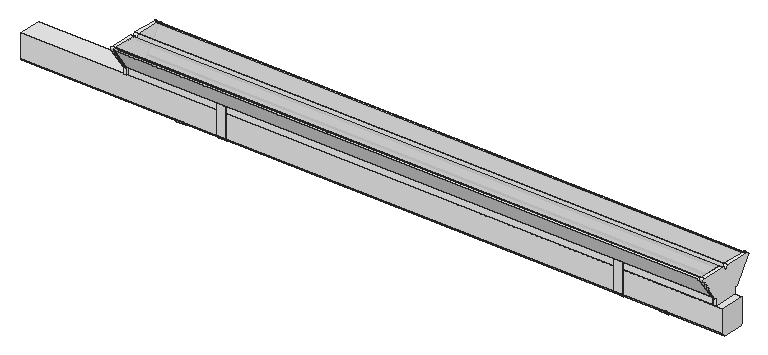
Revit family "0042288 Lighting Fixture_Sylvania_HSX Syl-Line_Surface Mounted", category Lighting Fixtures, host Face, Revit 2017
Family settings
  Host = Face
  Round Connector Dimension = Use Diameter
  Part Type = Normal
  OmniClass Number = 23.80.70.11.17
  OmniClass Title = Specialized Lighting by Location or Use
  Cut with Voids When Loaded = No
  Light Source = Yes
  Shared = No
  Room Calculation Point = No
Parameters (values of type "HSXSYL  LED NW DALI 1720 WB")
  Width = 164.0 mm
  Weight = 5.60 kg
  Wattage = 71.6129 W
  built-in parameter 1150110 = 1 (stored number, unit not read)
  Voltage Comments = "UNV (Universal Voltage; 220-240 Volt)"  # constant formula
  Voltage = 230 V  # constant formula
  URL = "http://www.sylvania-lighting.com"
  Trucking Material = Steel_Sylvania_HSX Syl-Line_White
  built-in parameter 1114217 = 1 (stored number, unit not read)
  Tilt Angle = -90.00°
  built-in parameter 1150109 = 1 (stored number, unit not read)
  built-in parameter 1150134 = 12
  Ta Rating = "-10°C to +25°C"  # constant formula
  T Class Min = -10 °C
  T Class Max = 25 °C
  built-in parameter 1150113 = 1 (stored number, unit not read)
  Product Page URL = "http://www.sylvania-lighting.com/product/en-int/products/0042288"
  Product Family = "HSX SYL-LINE"  # constant formula
  Photometry Comments = ""
  Photometric Web File = "0042288_HSXSYLLEDNWDALI1720WB-192675.ies"
  Mounting Material = Steel_Sylvania_HSX Syl-Line_White
  Line End Right = 20.0 mm
  Line End Left = 300.0 mm
  Life = "50 000h"  # constant formula
  Length = 1720.0 mm
  LOR = "100%"
  Inrush Current (max. quantity per 16A C breaker) = "10"
  IP Rating = "IP20"  # constant formula
  IK Rating = "IK02"  # constant formula
  Height = 167.5 mm
  Glow Wire Test = 650 °C  # constant formula
  Emit from Line Length = Length - 20.0 mm  # 1700.0 mm
  Electrical Protection = "CLASS I"  # constant formula
  Drive Current = "350mA"
  built-in parameter 1114216 [instance] = 1 (stored number, unit not read)
  Cap Material = Plastic_Sylvania_HSX Syl-Line_White
  Model = "HSXSYL  LED NW DALI 1720 WB"
  Manufacturer = "Feilo Sylvania"
  built-in parameter 1150105 = 2339.7 (stored number, unit not read)
  Lumens = 6660 lm
  built-in parameter 1150115 = 1 (stored number, unit not read)
  built-in parameter 1150137 = (empty or 0)
  built-in parameter 1150139 = (empty or 0)
  built-in parameter 1150112 = 1 (stored number, unit not read)
  built-in parameter 1150114 = 1 (stored number, unit not read)
  Lamp = "Integrated LED"
  built-in parameter 1150132 = 2
  built-in parameter 1150102 = (empty or 0)
  built-in parameter 1150107 = 4000 (stored number, unit not read)
  built-in parameter 1150138 = (empty or 0)
  built-in parameter 1150106 = 23.397 (stored number, unit not read)
  CRI (Ra) = ">80"
  Bracket Width = Width - 93.4 mm  # 70.6 mm
  Bracket Height = Height - 73.5 mm  # 94.0 mm
  Body Material = Plastic_Sylvania_HSX Syl-Line_White
  built-in parameter 1150104 = 8.64 (stored number, unit not read)
  Dimming Lamp Color Temperature Shift = <None>
  Diffuser Material = Polycarbonate_Sylvania_HSX Syl-Line_4000K
  Description = "72W and 75W LED surface and suspended luminaires HSX Syl-Line is perfect for retail, industry, manufacturing, airports or data centres Extended offering of alternative optics for Syl-Line trunking Available with a white sheet steel reflector and a PMMA Diffuser Available in 1,720mm (same length as standard Syl-Line gear trays and trunking) High performance: delivers 6,660lm (luminaire lumen output on 72W version), equating to 93lm/W (total system efficiency) Available in neutral white (4,000K) Integrated LED solution that has the same aesthetics as the fluorescent version (non dotting) Energy efficient electronic gear including Analogue 1-10V dimmable, DALI dimmable and 3 hour emergency versions as standard Ease of installation through the plug connector Innovative clip design allows quick and simple installation of the electrical unit (average installation time of the gear tray at just over a minute) Energy class: A++, A+, A Long lifetime: 50,000 hours life at 70% of the original output L70"  # constant formula
  Default Elevation = 0.0 mm
  Color Filter = 16777215
  Catalog Number = "0042288 HSXSYL  LED NW DALI 1720 WB"
  built-in parameter 1140040 [instance] = 1
  built-in parameter 1114218 = 1 (stored number, unit not read)
  built-in parameter 1150133 = 10 (stored number, unit not read)
  Assembly Code = "D5020200"
  Apparent Load = 72 VA
Reference planes
  plane 1 "Center (Front/Back)": y = 0
  plane 2 "Trucking Top": z = 6
  plane 3 "Center (Left/Right)": x = 0
  plane 4 "Fixture Bottom": z = 167.5
  plane 5: y = 34.283
  plane 6: y = -34.283
  plane 7 "Fixture Left": x = -860
  plane 8 "Fixture Right": x = 860
  plane 9: x = 850
  plane 10: x = -850
  plane 11: y = -82
  plane 12: y = 82
  plane 13: z = 155
  plane 14: z = 99
  plane 15 "Trucking Bottom": z = 78.5
  plane 16: y = 38.283
  plane 17: y = -38.283
  plane 18: z = 160.539
  plane 19: y = 7.5
  plane 20: y = -7.5
  plane 21: x = -1160
  plane 22: x = 880
  plane 23: x = 588
  plane 24: x = -588
  plane 25: x = 713
  plane 26: x = -713
  plane 27 "Fixture Top": z = 0
Forms (mm)
  Extrusion 1, solid, material "Plastic_Sylvania_HSX Syl-Line_White" <- "Cap Material", detail levels fine
    sketch origin (0, 0, 0) x (0, 1, 0) y (0, 0, 1)
      loop
        line (38.283, 99) -> (81.006, 161.276)
        arc (81.006, 161.276) -> (81.229, 165.38) -> (77.707, 167.5) r 3.986
        line (77.707, 167.5) -> (7.5, 167.5) -> (0, 155) -> (-7.5, 167.5) -> (-77.707, 167.5)
        arc (-77.707, 167.5) -> (-81.229, 165.38) -> (-81.006, 161.276) r 3.986
        line (-81.006, 161.276) -> (-38.283, 99) -> (-34.283, 99) -> (-34.283, 78.5) -> (34.283, 78.5) -> (34.283, 99) -> (38.283, 99)
    from 850 to 860
  Extrusion 2, solid, material "Plastic_Sylvania_HSX Syl-Line_White" <- "Cap Material", detail levels fine
    sketch origin (0, 0, 0) x (0, 1, 0) y (0, 0, 1)
      loop
        line (38.283, 99) -> (81.006, 161.276)
        arc (81.006, 161.276) -> (81.229, 165.38) -> (77.707, 167.5) r 3.986
        line (77.707, 167.5) -> (7.5, 167.5) -> (0, 155) -> (-7.5, 167.5) -> (-77.707, 167.5)
        arc (-77.707, 167.5) -> (-81.229, 165.38) -> (-81.006, 161.276) r 3.986
        line (-81.006, 161.276) -> (-38.283, 99) -> (-34.283, 99) -> (-34.283, 78.5) -> (34.283, 78.5) -> (34.283, 99) -> (38.283, 99)
    from -860 to -850
  Extrusion 3, solid, material "Plastic_Sylvania_HSX Syl-Line_White" <- "Body Material", detail levels coarse+medium
    sketch origin (0, 0, 0) x (0, 1, 0) y (0, 0, 1)
      loop
        line (38.283, 99) -> (81.006, 161.276)
        arc (81.006, 161.276) -> (81.229, 165.38) -> (77.707, 167.5) r 3.986
        line (77.707, 167.5) -> (7.5, 167.5) -> (0, 155) -> (-7.5, 167.5) -> (-77.707, 167.5)
        arc (-77.707, 167.5) -> (-81.229, 165.38) -> (-81.006, 161.276) r 3.986
        line (-81.006, 161.276) -> (-38.283, 99) -> (-34.283, 99) -> (-34.283, 78.5) -> (34.283, 78.5) -> (34.283, 99) -> (38.283, 99)
    from -860 to 850
  Extrusion 4, solid, material "Plastic_Sylvania_HSX Syl-Line_White" <- "Body Material", detail levels fine
    sketch origin (0, 0, 0) x (0, 1, 0) y (0, 0, 1)
      loop
        line (37.757, 100) -> (80.18, 161.839)
        arc (80.18, 161.839) -> (80.345, 164.913) -> (77.707, 166.5) r 2.986
        line (77.707, 166.5) -> (74, 166.5) -> (74, 165.5) -> (77.707, 165.5)
        arc (77.707, 165.5) -> (79.461, 164.446) -> (79.353, 162.402) r 1.986
        line (79.353, 162.402) -> (37.23, 101) -> (32.283, 101) -> (32.283, 79.5) -> (-32.283, 79.5) -> (-32.283, 101) -> (-37.23, 101) -> (-79.353, 162.402)
        arc (-79.353, 162.402) -> (-79.461, 164.446) -> (-77.707, 165.5) r 1.986
        line (-77.707, 165.5) -> (-74, 165.5) -> (-74, 166.5) -> (-77.707, 166.5)
        arc (-77.707, 166.5) -> (-80.345, 164.913) -> (-80.18, 161.839) r 2.986
        line (-80.18, 161.839) -> (-37.757, 100) -> (-33.283, 100) -> (-33.283, 78.5) -> (33.283, 78.5) -> (33.283, 100) -> (37.757, 100)
    from -850 to 850
  Extrusion 5, solid, material "Polycarbonate_Sylvania_HSX Syl-Line_4000K" <- "Diffuser Material", detail levels fine
    sketch origin (0, 0, 0) x (0, 1, 0) y (0, 0, 1)
      loop
        line (74, 166.5) -> (8.066, 166.5) -> (0, 153.056) -> (-8.066, 166.5) -> (-74, 166.5) -> (-74, 165.5) -> (-8.632, 165.5) -> (0, 151.113) -> (8.632, 165.5) -> (74, 165.5) -> (74, 166.5)
    from -850 to 850
  Extrusion 6, solid, material "Steel_Sylvania_HSX Syl-Line_White" <- "Trucking Material"
    sketch origin (0, 0, 0) x (0, 1, 0) y (0, 0, 1)
      loop
        line (34.283, 12) -> (34.283, 78.5) -> (-34.283, 78.5) -> (-34.283, 12) -> (-28.283, 6) -> (28.283, 6) -> (34.283, 12)
    from -1160 to 880
Dimensions and locks
  equal spacing: plane 7 "Fixture Left", plane 3 "Center (Left/Right)", plane 8 "Fixture Right"
  "Length": plane 7 "Fixture Left" to plane 8 "Fixture Right"
  locked: plane 7 "Fixture Left" to plane 10 at 10
  locked: plane 9 to plane 8 "Fixture Right" at 10
  equal spacing: plane 12, plane 1 "Center (Front/Back)", plane 11
  "Width": plane 12 to plane 11
  "Height": host face to plane 4 "Fixture Bottom"
  locked: level to plane 2 "Trucking Top" at 6
  plane 15 "Trucking Bottom" to plane 14 to plane 13 to plane 18 to plane 4 "Fixture Bottom" = 20.5 mm locked, 56.0 mm locked, 5.539 mm locked, 6.961 mm locked
  plane 12 to plane 16 to plane 5 to plane 19 = 43.717 mm locked, 4.0 mm locked, 26.783 mm locked
  plane 11 to plane 17 to plane 6 to plane 20 = 43.717 mm locked, 4.0 mm locked, 26.783 mm locked
  locked: Extrusion 5 sketch curve to plane 11 at 8
  locked: plane 12 to Extrusion 5 sketch curve at 8
  locked: Extrusion 4 sketch curve to plane 11 at 8
  locked: plane 12 to Extrusion 4 sketch curve at 8
  locked: Extrusion 6 sketch curve to plane 2 "Trucking Top" at 6  (x2)
  locked: Extrusion 6 sketch curve to plane 6 at 6
  locked: plane 5 to Extrusion 6 sketch curve at 6
  "Line End Left": plane 21 to plane 7 "Fixture Left"
  "Line End Right": plane 8 "Fixture Right" to plane 22
  plane 23 to plane 25 to plane 9 = 125.0 mm locked, 137.0 mm locked
  plane 10 to plane 26 to plane 24 = 137.0 mm locked, 125.0 mm locked
  aligned and locked: level to host face
  aligned and locked: imposter light to plane 1 "Center (Front/Back)"
  aligned and locked: plane 3 "Center (Left/Right)" to imposter light
  aligned and locked: imposter light to plane 4 "Fixture Bottom"
  aligned and locked: plane 14 to Extrusion 1 sketch curve
  aligned and locked: plane 16 to Extrusion 1 sketch curve
  aligned and locked: plane 15 "Trucking Bottom" to Extrusion 1 sketch curve
  aligned and locked: plane 5 to Extrusion 1 sketch curve
  aligned and locked: plane 6 to Extrusion 1 sketch curve
  aligned and locked: Extrusion 1 sketch curve to plane 14
  aligned and locked: plane 1 "Center (Front/Back)" to Extrusion 1 sketch curve
  aligned and locked: plane 13 to Extrusion 1 sketch curve
  aligned and locked: plane 4 "Fixture Bottom" to Extrusion 1 sketch curve  (x2)
  aligned and locked: plane 19 to Extrusion 1 sketch curve
  aligned and locked: plane 20 to Extrusion 1 sketch curve
  aligned and locked: Extrusion 1 to plane 8 "Fixture Right"
  aligned and locked: plane 9 to Extrusion 1
  aligned and locked: Extrusion 2 to plane 7 "Fixture Left"
  aligned and locked: plane 10 to Extrusion 2
  aligned and locked: Extrusion 3 to plane 7 "Fixture Left"
  aligned and locked: plane 15 "Trucking Bottom" to Extrusion 4 sketch curve
  aligned and locked: Extrusion 4 to plane 9
  aligned and locked: Extrusion 4 to plane 10
  aligned and locked: plane 5 to Extrusion 6 sketch curve
  aligned and locked: plane 6 to Extrusion 6 sketch curve
  aligned and locked: plane 2 "Trucking Top" to Extrusion 6 sketch curve
  aligned and locked: plane 15 "Trucking Bottom" to Extrusion 6 sketch curve
  aligned and locked: Extrusion 6 to plane 21
  aligned and locked: Extrusion 6 to plane 22
  aligned and locked: plane 1 "Center (Front/Back)" to nested 1
  aligned and locked: nested 1 to plane 14
  aligned and locked: plane 23 to nested 1
  aligned and locked: Extrusion 3 to plane 9
  aligned and locked: Extrusion 5 to plane 9
  aligned and locked: Extrusion 5 to plane 10
  aligned and locked: plane 24 to nested 2
  aligned and locked: nested 1 to plane 23
  aligned and locked: nested 3 to level
  aligned and locked: plane 2 "Trucking Top" to nested 2
  aligned and locked: plane 25 to nested 3
  aligned and locked: plane 26 to nested 4
Automatic sketch dimensions
  host sketch curve to host sketch curve = 2549.992 mm
  host sketch curve to host sketch curve = 1283.632 mm
  Extrusion 1 sketch curve to plane 17 = 0.0 mm
  Extrusion 1 sketch curve to plane 18 = 0.737 mm  (x2)
  Extrusion 1 sketch curve to plane 11 = 4.293 mm
  Extrusion 1 sketch curve to plane 11 = 0.994 mm
  Extrusion 1 sketch curve to plane 12 = 4.293 mm
  Extrusion 1 sketch curve to plane 12 = 0.994 mm
  plane 4 "Fixture Bottom" to Extrusion 2 sketch curve = 0.0 mm  (x2)
  plane 14 to Extrusion 2 sketch curve = 0.0 mm  (x2)
  Extrusion 2 sketch curve to plane 17 = 0.0 mm
  Extrusion 2 sketch curve to plane 6 = 0.0 mm
  Extrusion 2 sketch curve to plane 20 = 0.0 mm
  Extrusion 2 sketch curve to plane 1 "Center (Front/Back)" = 0.0 mm
  Extrusion 2 sketch curve to plane 19 = 0.0 mm
  Extrusion 2 sketch curve to plane 5 = 0.0 mm
  Extrusion 2 sketch curve to plane 16 = 0.0 mm
  plane 15 "Trucking Bottom" to Extrusion 2 sketch curve = 0.0 mm
  Extrusion 2 sketch curve to plane 13 = 0.0 mm
  Extrusion 2 sketch curve to plane 11 = 4.293 mm
  Extrusion 2 sketch curve to plane 18 = 0.737 mm  (x2)
  Extrusion 2 sketch curve to plane 11 = 0.994 mm
  Extrusion 2 sketch curve to plane 12 = 4.293 mm
  Extrusion 2 sketch curve to plane 12 = 0.994 mm
  plane 4 "Fixture Bottom" to Extrusion 3 sketch curve = 0.0 mm  (x2)
  plane 14 to Extrusion 3 sketch curve = 0.0 mm  (x2)
  Extrusion 3 sketch curve to plane 17 = 0.0 mm
  Extrusion 3 sketch curve to plane 6 = 0.0 mm
  Extrusion 3 sketch curve to plane 20 = 0.0 mm
  Extrusion 3 sketch curve to plane 1 "Center (Front/Back)" = 0.0 mm
  Extrusion 3 sketch curve to plane 19 = 0.0 mm
  Extrusion 3 sketch curve to plane 5 = 0.0 mm
  Extrusion 3 sketch curve to plane 16 = 0.0 mm
  plane 15 "Trucking Bottom" to Extrusion 3 sketch curve = 0.0 mm
  Extrusion 3 sketch curve to plane 13 = 0.0 mm
  Extrusion 3 sketch curve to plane 11 = 4.293 mm
  Extrusion 3 sketch curve to plane 18 = 0.737 mm  (x2)
  Extrusion 3 sketch curve to plane 11 = 0.994 mm
  Extrusion 3 sketch curve to plane 12 = 4.293 mm
  Extrusion 3 sketch curve to plane 12 = 0.994 mm
  Extrusion 4 sketch curve to plane 14 = 1.0 mm  (x2)
  Extrusion 4 sketch curve to plane 16 = 0.527 mm
  plane 4 "Fixture Bottom" to Extrusion 4 sketch curve = 1.0 mm  (x2)
  Extrusion 4 sketch curve to plane 17 = 0.527 mm
  plane 6 to Extrusion 4 sketch curve = 1.0 mm
  Extrusion 4 sketch curve to plane 5 = 1.0 mm
  Extrusion 4 sketch curve to plane 11 = 1.82 mm
  Extrusion 4 sketch curve to plane 18 = 1.301 mm  (x2)
  Extrusion 4 sketch curve to plane 12 = 1.82 mm
  Extrusion 4 sketch curve to Extrusion 4 sketch curve = 0.527 mm  (x2)
  Extrusion 4 sketch curve to Extrusion 4 sketch curve = 0.826 mm  (x2)
  Extrusion 4 sketch curve to Extrusion 4 sketch curve = 0.563 mm  (x2)
  Extrusion 4 sketch curve to Extrusion 4 sketch curve = 0.0 mm  (x4)
  Extrusion 4 sketch curve to Extrusion 4 sketch curve = 1.0 mm  (x4)
  Extrusion 4 sketch curve to plane 15 "Trucking Bottom" = 1.0 mm
  Extrusion 5 sketch curve to plane 1 "Center (Front/Back)" = 0.0 mm  (x2)
  plane 20 to Extrusion 5 sketch curve = 0.566 mm
  plane 20 to Extrusion 5 sketch curve = 1.132 mm
  plane 19 to Extrusion 5 sketch curve = 0.566 mm
  plane 19 to Extrusion 5 sketch curve = 1.132 mm
  plane 4 "Fixture Bottom" to Extrusion 5 sketch curve = 2.0 mm  (x2)
  Extrusion 5 sketch curve to plane 13 = 3.887 mm
  Extrusion 5 sketch curve to Extrusion 5 sketch curve = 1.944 mm
  plane 4 "Fixture Bottom" to Extrusion 5 sketch curve = 1.0 mm  (x2)
  plane 4 "Fixture Bottom" to Extrusion 4 sketch curve = 2.0 mm  (x2)
Nested families
  nested 1: "Mounting Bracket" at (563, 0, 99) x (0, -1, 0) z (0, 0, -1), type "Mounting Bracket", detail levels fine
  nested 2: "Mounting Bracket" at (-588, 0, 99) x (0, -1, 0) z (0, 0, -1), type "Mounting Bracket", detail levels fine
  nested 3: "Top Mounting Bracket" at (713, 0, 13) x (0, 1, 0) z (0, 0, -1), type "Top Mounting Bracket", detail levels fine
  nested 4: "Top Mounting Bracket" at (-688, 0, 13) x (0, 1, 0) z (0, 0, -1), type "Top Mounting Bracket", detail levels fine
Connectors
  electrical at (-1160, 0, 32.167), driven by "Voltage", driven by "Apparent Load"
    settings: on Extrusion 6, index 1, voltage 230 V, apparent load 0 VA, apparent load phase1 72 VA, apparent load phase2 0 VA, apparent load phase3 0 VA, power factor 1, load classification "Lighting", number of poles 1, system type 31, power factor state 1, is connector primary yes, connector utility no, sub classification motor no, connector description ""
Definition of nested family "Mounting Bracket"
  Parameters
    Mounting Material = none
    Length = 25.0 mm
    Height = 94.0 mm
    Width = 70.6 mm
    Default Elevation = 0.0 mm
  Reference planes
    plane 1 "Center (Front/Back)": y = 0
    plane 2: z = 0
    plane 3 "Center (Left/Right)": x = 0
    plane 4: x = -35.3
    plane 5: x = 35.3
    plane 6: y = -25
    plane 7: y = -12.5
    plane 8: z = 94
  Forms (mm)
    Extrusion 1, solid, material <- "Mounting Material"
      sketch origin (0, 0, 0) x (1, 0, 0) y (0, 0, 1)
        loop
          line (35.3, 87.5) -> (28.8, 94) -> (20.3, 94) -> (20.3, 93) -> (28.386, 93) -> (34.3, 87.086) -> (34.3, 0) -> (35.3, 0) -> (35.3, 87.5)
        loop
          line (-35.3, 87.5) -> (-35.3, 0) -> (-34.3, 0) -> (-34.3, 87.086) -> (-28.386, 93) -> (-20.3, 93) -> (-20.3, 94) -> (-28.8, 94) -> (-35.3, 87.5)
      from 0 to 25
  Dimensions and locks
    equal spacing: plane 5, plane 3 "Center (Left/Right)", plane 4
    "Width": plane 5 to plane 4
    "Length": plane 6 to plane 1 "Center (Front/Back)"
    equal spacing: plane 6, plane 7, plane 1 "Center (Front/Back)"
    "Height": plane 8 to plane 2
    locked: plane 8 to Extrusion 1 sketch curve at 1
    locked: plane 8 to Extrusion 1 sketch curve at 6.5  (x2)
    locked: Extrusion 1 sketch curve to plane 4 at 6.5
    locked: plane 5 to Extrusion 1 sketch curve at 6.5
    locked: Extrusion 1 sketch curve to plane 4 at 1
    locked: plane 5 to Extrusion 1 sketch curve at 1
    locked: Extrusion 1 sketch curve to plane 4 at 15
    locked: plane 5 to Extrusion 1 sketch curve at 15
    aligned and locked: level to plane 2
    aligned and locked: Extrusion 1 to plane 6
    aligned and locked: Extrusion 1 sketch curve to plane 8
    aligned and locked: Extrusion 1 sketch curve to plane 4
    aligned and locked: Extrusion 1 sketch curve to plane 5
  Automatic sketch dimensions
    Extrusion 1 sketch curve to level = 0.0 mm  (x2)
    plane 4 to Extrusion 1 sketch curve = 6.914 mm
    Extrusion 1 sketch curve to Extrusion 1 sketch curve = 0.414 mm  (x3)
    plane 8 to Extrusion 1 sketch curve = 0.0 mm
    Extrusion 1 sketch curve to plane 8 = 1.0 mm
Definition of nested family "Top Mounting Bracket"
  Parameters
    Mounting Material = none
    Length = 25.0 mm
    Height = 13.0 mm
    Width = 70.6 mm
    Default Elevation = 0.0 mm
  Reference planes
    plane 1 "Center (Front/Back)": y = 0
    plane 2: z = 0
    plane 3 "Center (Left/Right)": x = 0
    plane 4: x = -35.3
    plane 5: x = 35.3
    plane 6: y = -25
    plane 7: y = -12.5
    plane 8: z = 13
  Forms (mm)
    Extrusion 1, solid, material <- "Mounting Material"
      sketch origin (0, 0, 0) x (1, 0, 0) y (0, 0, 1)
        loop
          line (35.3, 1.5) -> (23.8, 13) -> (-23.8, 13) -> (-35.3, 1.5) -> (-35.3, 0) -> (-34.3, 0) -> (-34.3, 1.086) -> (-23.386, 12) -> (23.386, 12) -> (34.3, 1.086) -> (34.3, 0) -> (35.3, 0) -> (35.3, 1.5)
      from 0 to 25
  Dimensions and locks
    equal spacing: plane 5, plane 3 "Center (Left/Right)", plane 4
    "Width": plane 5 to plane 4
    "Length": plane 6 to plane 1 "Center (Front/Back)"
    equal spacing: plane 6, plane 7, plane 1 "Center (Front/Back)"
    plane 8 to Extrusion 1 sketch curve = 13.0 mm
    locked: Extrusion 1 sketch curve to plane 4 at 11.5
    locked: plane 5 to Extrusion 1 sketch curve at 11.5
    "Height": plane 8 to level
    aligned and locked: level to plane 2
    aligned and locked: Extrusion 1 to plane 6
    aligned and locked: Extrusion 1 sketch curve to plane 4
    aligned and locked: Extrusion 1 sketch curve to plane 5
    aligned and locked: Extrusion 1 sketch curve to plane 8
    aligned and locked: Extrusion 1 sketch curve to Extrusion 1 sketch curve
  Automatic sketch dimensions
    plane 4 to Extrusion 1 sketch curve = 1.0 mm
    Extrusion 1 sketch curve to Extrusion 1 sketch curve = 0.414 mm  (x4)
    Extrusion 1 sketch curve to plane 5 = 1.0 mm
    Extrusion 1 sketch curve to Extrusion 1 sketch curve = 1.086 mm
    Extrusion 1 sketch curve to plane 8 = 1.0 mm
    Extrusion 1 sketch curve to plane 8 = 11.914 mm
